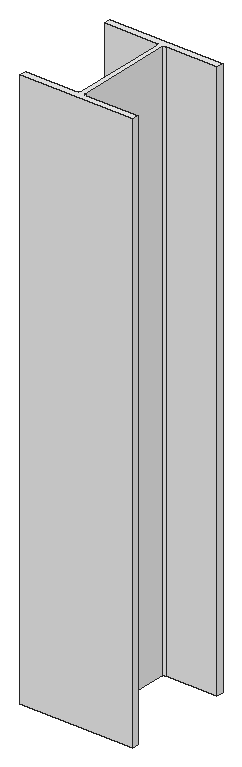
Revit family "M_FES-Flange extensa soldada-Coluna", category Pilares estruturais, Revit 2019
Family settings
  Forma do corte = Não definido
  Material para o comportamento do modelo = Aço
  Exportar sempre como geometria = Não
  Redução da viga na planta = Da caixa de vinculação
  Número OmniClass = 23.25.30.11.14.11
  Título OmniClass = Columns
  ID de item do Seek = WWF-Welded Wide Flange-Column-0000-CAN-ENU
  Corte com vazios quando carregada = Não
  Representação simbólica = Das configurações de projeto
  Compartilhado = Não
  Exibir o pré-corte da família na vista da planta = Sim
Parameters (values of type "WWF500x306")
  kr = k - (tw / 2)  # 10 mm
  W = 3
  Structural Material [instance] = Aço, 45-345
  Assembly Code = ""
  bf = 500 mm
  d = 500 mm
  k = 20 mm
  tf = 30 mm
  tw = 20 mm
  A = 0.039 m²
Reference planes
  plane 1: y = 0
  plane 2: z = 0
  plane 3: x = 0
  plane 4: x = -250
  plane 5: x = 250
  plane 6: y = 250
  plane 7: y = -250
  plane 8: x = -3.969
  plane 9: x = 3.969
Forms (mm)
  Extrusion 1, solid, material "Aço, 45-345" <- "Structural Material", detail levels medium
    sketch origin (0, 0, 0) x (1, 0, 0) y (0, 1, 0)
      loop
        line (-250, 250) -> (-250, 220) -> (-10, 220) -> (-10, -220) -> (-250, -220) -> (-250, -250) -> (250, -250) -> (250, -220) -> (10, -220) -> (10, 220) -> (250, 220) -> (250, 250) -> (-250, 250)
    from 0 to 2500
  Extrusion 2, solid, material "Aço, 45-345" <- "Structural Material", detail levels fine
    sketch origin (0, 0, 0) x (1, 0, 0) y (0, 1, 0)
      loop
        line (-250, 250) -> (-250, 220) -> (-20, 220)
        arc (-20, 220) -> (-12.929, 217.071) -> (-10, 210) r 10
        line (-10, 210) -> (-10, -210)
        arc (-10, -210) -> (-12.929, -217.071) -> (-20, -220) r 10
        line (-20, -220) -> (-250, -220) -> (-250, -250) -> (250, -250) -> (250, -220) -> (20, -220)
        arc (20, -220) -> (12.929, -217.071) -> (10, -210) r 10
        line (10, -210) -> (10, 210)
        arc (10, 210) -> (12.929, 217.071) -> (20, 220) r 10
        line (20, 220) -> (250, 220) -> (250, 250) -> (-250, 250)
    from 0 to 2500
Lines and regions (mm)
  symbolic lines, style "StructuralColumnStickSymbols", detail levels coarse
    curve 1: line (-250, 250, 0) -> (250, 250, 0)
    curve 2: line (-250, -250, 0) -> (250, -250, 0)
    curve 3: line (0, 250, 0) -> (0, -250, 0)
  symbolic lines, style "Faces ocultas", detail levels medium+fine
    curve 4: line (-3.969, 0, 0) -> (-3.969, 0, 2500)
    curve 5: line (3.969, 0, 2500) -> (3.969, 0, 0)
Dimensions and locks
  equal spacing: plane 4, plane 3, plane 5
  equal spacing: plane 7, plane 1, plane 6
  "d": plane 7 to plane 6
  "bf": plane 4 to plane 5
  "tf": plane 7 to Extrusion 1 sketch curve
  "tf": Extrusion 1 sketch curve to plane 6
  equal spacing: Extrusion 1 sketch curve, plane 3, Extrusion 1 sketch curve
  "tw": Extrusion 1 sketch curve to Extrusion 1 sketch curve
  "kr": radius of Extrusion 2 sketch curve  (x4)
  aligned and locked: Extrusion 1 sketch curve to plane 6
  aligned and locked: Extrusion 1 sketch curve to plane 7
  aligned and locked: Extrusion 1 sketch curve to plane 4  (x2)
  aligned and locked: plane 5 to Extrusion 1 sketch curve  (x2)
  aligned and locked: Extrusion 1 sketch curve to Extrusion 1 sketch curve  (x2)
  aligned and locked: level to Extrusion 1
  aligned and locked: level to plane 2
  aligned and locked: Extrusion 1 to plane 2
  aligned and locked: Extrusion 2 sketch curve to plane 6
  aligned and locked: plane 5 to Extrusion 2 sketch curve  (x2)
  aligned and locked: Extrusion 2 sketch curve to plane 4  (x2)
  aligned and locked: Extrusion 2 sketch curve to Extrusion 1  (x6)
  aligned and locked: Extrusion 2 sketch curve to plane 7
  aligned and locked: level to Extrusion 2
  aligned and locked: Extrusion 2 to level
Automatic sketch dimensions
  curve 2 to plane 4 = 0 mm
  curve 1 to plane 4 = 0 mm
  curve 3 to plane 3 = 0 mm
  curve 2 to plane 5 = 0 mm
  curve 1 to plane 5 = 0 mm
  curve 3 to plane 7 = 0 mm
  curve 3 to plane 6 = 0 mm
  curve 4 to level = 0 mm  (x2)
  curve 4 to plane 8 = 0 mm
  curve 5 to level = 0 mm  (x2)
  curve 5 to plane 9 = 0 mm
Types in the file's own list only (106): name | kr | W | bf | d | k | tf | tw | A
  WWF2000x732 | 10 mm | 7.17 | 550 mm | 2000 mm | 20 mm | 50 mm | 20 mm | 0.09 m²
  WWF2000x648 | 10 mm | 6.36 | 550 mm | 2000 mm | 20 mm | 40 mm | 20 mm | 0.08 m²
  WWF2000x607 | 10 mm | 5.95 | 550 mm | 2000 mm | 20 mm | 35 mm | 20 mm | 0.08 m²
  WWF2000x542 | 10 mm | 5.31 | 500 mm | 2000 mm | 20 mm | 30 mm | 20 mm | 0.07 m²
  WWF1800x700 | 10 mm | 6.87 | 550 mm | 1800 mm | 20 mm | 50 mm | 20 mm | 0.09 m²
  WWF1800x659 | 10 mm | 6.46 | 550 mm | 1800 mm | 20 mm | 45 mm | 20 mm | 0.08 m²
  WWF1800x617 | 10 mm | 6.05 | 550 mm | 1800 mm | 20 mm | 40 mm | 20 mm | 0.08 m²
  WWF1800x575 | 10 mm | 5.64 | 550 mm | 1800 mm | 20 mm | 35 mm | 20 mm | 0.07 m²
  WWF1800x510 | 10 mm | 5 | 500 mm | 1800 mm | 20 mm | 30 mm | 20 mm | 0.07 m²
  WWF1600x622 | 10 mm | 6.1 | 550 mm | 1600 mm | 18 mm | 50 mm | 16 mm | 0.08 m²
  WWF1600x580 | 10 mm | 5.68 | 550 mm | 1600 mm | 18 mm | 45 mm | 16 mm | 0.07 m²
  WWF1600x538 | 10 mm | 5.27 | 550 mm | 1600 mm | 18 mm | 40 mm | 16 mm | 0.07 m²
  WWF1600x496 | 8 mm | 4.86 | 550 mm | 1600 mm | 16 mm | 35 mm | 16 mm | 0.06 m²
  WWF1600x431 | 8 mm | 4.22 | 500 mm | 1600 mm | 16 mm | 30 mm | 16 mm | 0.05 m²
  WWF1400x597 | 10 mm | 5.85 | 550 mm | 1400 mm | 18 mm | 50 mm | 16 mm | 0.08 m²
  WWF1400x513 | 10 mm | 5.03 | 550 mm | 1400 mm | 18 mm | 40 mm | 16 mm | 0.07 m²
  WWF1400x471 | 8 mm | 4.61 | 550 mm | 1400 mm | 16 mm | 35 mm | 16 mm | 0.06 m²
  WWF1400x405 | 8 mm | 3.97 | 500 mm | 1400 mm | 16 mm | 30 mm | 16 mm | 0.05 m²
  WWF1400x358 | 8 mm | 3.51 | 400 mm | 1400 mm | 16 mm | 30 mm | 16 mm | 0.05 m²
  WWF1200x487 | 10 mm | 4.78 | 550 mm | 1200 mm | 18 mm | 40 mm | 16 mm | 0.06 m²
  WWF1200x418 | 8 mm | 4.1 | 500 mm | 1200 mm | 16 mm | 35 mm | 16 mm | 0.05 m²
  WWF1200x380 | 8 mm | 3.72 | 500 mm | 1200 mm | 16 mm | 30 mm | 16 mm | 0.05 m²
  WWF1200x333 | 8 mm | 3.26 | 400 mm | 1200 mm | 16 mm | 30 mm | 16 mm | 0.04 m²
  WWF1200x302 | 8 mm | 2.97 | 400 mm | 1200 mm | 16 mm | 25 mm | 16 mm | 0.04 m²
  WWF1200x263 | 8 mm | 2.58 | 300 mm | 1200 mm | 16 mm | 25 mm | 16 mm | 0.03 m²
  WWF1100x458 | 10 mm | 4.5 | 550 mm | 1100 mm | 17 mm | 40 mm | 14 mm | 0.06 m²
  WWF1100x388 | 8 mm | 3.81 | 500 mm | 1100 mm | 15 mm | 35 mm | 14 mm | 0.05 m²
  WWF1100x351 | 8 mm | 3.44 | 500 mm | 1100 mm | 15 mm | 30 mm | 14 mm | 0.04 m²
  WWF1100x304 | 8 mm | 2.98 | 400 mm | 1100 mm | 15 mm | 30 mm | 14 mm | 0.04 m²
  WWF1100x273 | 8 mm | 2.68 | 400 mm | 1100 mm | 15 mm | 25 mm | 14 mm | 0.03 m²
  WWF1100x234 | 8 mm | 2.3 | 300 mm | 1100 mm | 15 mm | 25 mm | 14 mm | 0.03 m²
  WWF1000x447 | 10 mm | 4.39 | 550 mm | 1000 mm | 17 mm | 40 mm | 14 mm | 0.06 m²
  WWF1000x377 | 8 mm | 3.71 | 500 mm | 1000 mm | 15 mm | 35 mm | 14 mm | 0.05 m²
  WWF1000x340 | 8 mm | 3.33 | 500 mm | 1000 mm | 15 mm | 30 mm | 14 mm | 0.04 m²
  WWF1000x293 | 8 mm | 2.87 | 400 mm | 1000 mm | 15 mm | 30 mm | 14 mm | 0.04 m²
  WWF1000x262 | 8 mm | 2.57 | 400 mm | 1000 mm | 15 mm | 25 mm | 14 mm | 0.03 m²
  WWF1000x223 | 8 mm | 2.19 | 300 mm | 1000 mm | 15 mm | 25 mm | 14 mm | 0.03 m²
  WWF1000x200 | 8 mm | 1.97 | 300 mm | 1000 mm | 15 mm | 20 mm | 14 mm | 0.03 m²
  WWF900x417 | 10 mm | 4.1 | 550 mm | 900 mm | 16 mm | 40 mm | 11 mm | 0.05 m²
  WWF900x347 | 8 mm | 3.41 | 500 mm | 900 mm | 14 mm | 35 mm | 11 mm | 0.04 m²
  WWF900x309 | 8 mm | 3.03 | 500 mm | 900 mm | 14 mm | 30 mm | 11 mm | 0.04 m²
  WWF900x262 | 8 mm | 2.57 | 400 mm | 900 mm | 14 mm | 30 mm | 11 mm | 0.03 m²
  WWF900x231 | 8 mm | 2.27 | 400 mm | 900 mm | 14 mm | 25 mm | 11 mm | 0.03 m²
  WWF900x192 | 8 mm | 1.88 | 300 mm | 900 mm | 14 mm | 25 mm | 11 mm | 0.02 m²
  WWF900x169 | 8 mm | 1.66 | 300 mm | 900 mm | 14 mm | 20 mm | 11 mm | 0.02 m²
  WWF800x339 | 8 mm | 3.32 | 500 mm | 800 mm | 14 mm | 35 mm | 11 mm | 0.04 m²
  WWF800x300 | 8 mm | 2.95 | 500 mm | 800 mm | 14 mm | 30 mm | 11 mm | 0.04 m²
  WWF800x253 | 8 mm | 2.48 | 400 mm | 800 mm | 14 mm | 30 mm | 11 mm | 0.03 m²
  WWF800x223 | 8 mm | 2.18 | 400 mm | 800 mm | 14 mm | 25 mm | 11 mm | 0.03 m²
  WWF800x184 | 8 mm | 1.8 | 300 mm | 800 mm | 14 mm | 25 mm | 11 mm | 0.02 m²
  WWF800x161 | 8 mm | 1.58 | 300 mm | 800 mm | 14 mm | 20 mm | 11 mm | 0.02 m²
  WWF700x245 | 8 mm | 2.4 | 400 mm | 700 mm | 14 mm | 30 mm | 11 mm | 0.03 m²
  WWF700x214 | 8 mm | 2.1 | 400 mm | 700 mm | 14 mm | 25 mm | 11 mm | 0.03 m²
  WWF700x196 | 8 mm | 1.92 | 400 mm | 700 mm | 14 mm | 22 mm | 11 mm | 0.02 m²
  WWF700x175 | 8 mm | 1.71 | 300 mm | 700 mm | 14 mm | 25 mm | 11 mm | 0.02 m²
  WWF700x152 | 8 mm | 1.49 | 300 mm | 700 mm | 14 mm | 20 mm | 11 mm | 0.02 m²
  WWF650x864 | 10 mm | 8.47 | 650 mm | 650 mm | 40 mm | 60 mm | 60 mm | 0.11 m²
  WWF650x739 | 10 mm | 7.24 | 650 mm | 650 mm | 25 mm | 60 mm | 30 mm | 0.09 m²
  WWF650x598 | 10 mm | 5.86 | 650 mm | 650 mm | 20 mm | 50 mm | 20 mm | 0.08 m²
  WWF650x499 | 10 mm | 4.89 | 650 mm | 650 mm | 20 mm | 40 mm | 20 mm | 0.06 m²
  WWF650x400 | 10 mm | 3.92 | 650 mm | 650 mm | 20 mm | 30 mm | 20 mm | 0.05 m²
  WWF600x793 | 10 mm | 7.77 | 600 mm | 600 mm | 40 mm | 60 mm | 60 mm | 0.10 m²
  WWF600x680 | 10 mm | 6.67 | 600 mm | 600 mm | 25 mm | 60 mm | 30 mm | 0.09 m²
  WWF600x551 | 10 mm | 5.4 | 600 mm | 600 mm | 20 mm | 50 mm | 20 mm | 0.07 m²
  WWF600x460 | 10 mm | 4.51 | 600 mm | 600 mm | 20 mm | 40 mm | 20 mm | 0.06 m²
  WWF600x369 | 10 mm | 3.62 | 600 mm | 600 mm | 20 mm | 30 mm | 20 mm | 0.05 m²
  WWF550x721 | 10 mm | 7.08 | 550 mm | 550 mm | 40 mm | 60 mm | 60 mm | 0.09 m²
  WWF550x620 | 10 mm | 6.09 | 550 mm | 550 mm | 25 mm | 60 mm | 30 mm | 0.08 m²
  WWF550x503 | 10 mm | 4.94 | 550 mm | 550 mm | 20 mm | 50 mm | 20 mm | 0.06 m²
  WWF550x420 | 10 mm | 4.12 | 550 mm | 550 mm | 20 mm | 40 mm | 20 mm | 0.05 m²
  WWF550x280 | 8 mm | 2.74 | 550 mm | 550 mm | 16 mm | 25 mm | 16 mm | 0.04 m²
  WWF500x651 | 10 mm | 6.39 | 500 mm | 500 mm | 40 mm | 60 mm | 60 mm | 0.08 m²
  WWF500x561 | 10 mm | 5.51 | 500 mm | 500 mm | 25 mm | 60 mm | 30 mm | 0.07 m²
  WWF500x456 | 10 mm | 4.48 | 500 mm | 500 mm | 20 mm | 50 mm | 20 mm | 0.06 m²
  WWF500x381 | 10 mm | 3.74 | 500 mm | 500 mm | 20 mm | 40 mm | 20 mm | 0.05 m²
  WWF500x343 | 10 mm | 3.37 | 500 mm | 500 mm | 20 mm | 35 mm | 20 mm | 0.04 m²
  WWF500x276 | 8 mm | 2.71 | 500 mm | 500 mm | 16 mm | 28 mm | 16 mm | 0.04 m²
  WWF500x254 | 8 mm | 2.49 | 500 mm | 500 mm | 16 mm | 25 mm | 16 mm | 0.03 m²
  WWF500x223 | 8 mm | 2.19 | 500 mm | 500 mm | 15 mm | 22 mm | 14 mm | 0.03 m²
  WWF500x197 | 8 mm | 1.94 | 500 mm | 500 mm | 14 mm | 20 mm | 11 mm | 0.03 m²
  WWF450x503 | 10 mm | 4.93 | 450 mm | 450 mm | 25 mm | 60 mm | 30 mm | 0.06 m²
  WWF450x409 | 10 mm | 4.02 | 450 mm | 450 mm | 20 mm | 50 mm | 20 mm | 0.05 m²
  WWF450x342 | 10 mm | 3.36 | 450 mm | 450 mm | 20 mm | 40 mm | 20 mm | 0.04 m²
  WWF450x308 | 10 mm | 3.02 | 450 mm | 450 mm | 20 mm | 35 mm | 20 mm | 0.04 m²
  WWF450x274 | 10 mm | 2.69 | 450 mm | 450 mm | 20 mm | 30 mm | 20 mm | 0.04 m²
  WWF450x248 | 8 mm | 2.43 | 450 mm | 450 mm | 16 mm | 28 mm | 16 mm | 0.03 m²
  WWF450x228 | 8 mm | 2.23 | 450 mm | 450 mm | 16 mm | 25 mm | 16 mm | 0.03 m²
  WWF450x201 | 8 mm | 1.97 | 450 mm | 450 mm | 15 mm | 22 mm | 14 mm | 0.03 m²
  WWF450x177 | 8 mm | 1.74 | 450 mm | 450 mm | 14 mm | 20 mm | 11 mm | 0.02 m²
  WWF400x444 | 10 mm | 4.36 | 400 mm | 400 mm | 25 mm | 60 mm | 30 mm | 0.06 m²
  WWF400x362 | 10 mm | 3.56 | 400 mm | 400 mm | 20 mm | 50 mm | 20 mm | 0.05 m²
  WWF400x303 | 10 mm | 2.97 | 400 mm | 400 mm | 20 mm | 40 mm | 20 mm | 0.04 m²
  WWF400x273 | 10 mm | 2.68 | 400 mm | 400 mm | 20 mm | 35 mm | 20 mm | 0.03 m²
  WWF400x243 | 10 mm | 2.39 | 400 mm | 400 mm | 20 mm | 30 mm | 20 mm | 0.03 m²
  WWF400x220 | 8 mm | 2.16 | 400 mm | 400 mm | 16 mm | 28 mm | 16 mm | 0.03 m²
  WWF400x202 | 8 mm | 1.98 | 400 mm | 400 mm | 16 mm | 25 mm | 16 mm | 0.03 m²
  WWF400x178 | 8 mm | 1.75 | 400 mm | 400 mm | 15 mm | 22 mm | 14 mm | 0.02 m²
  WWF400x157 | 8 mm | 1.55 | 400 mm | 400 mm | 14 mm | 20 mm | 11 mm | 0.02 m²
  WWF350x315 | 10 mm | 3.09 | 350 mm | 350 mm | 20 mm | 50 mm | 20 mm | 0.04 m²
  WWF350x263 | 10 mm | 2.59 | 350 mm | 350 mm | 20 mm | 40 mm | 20 mm | 0.03 m²
  WWF350x238 | 10 mm | 2.33 | 350 mm | 350 mm | 20 mm | 35 mm | 20 mm | 0.03 m²
  WWF350x212 | 10 mm | 2.08 | 350 mm | 350 mm | 20 mm | 30 mm | 20 mm | 0.03 m²
  WWF350x192 | 8 mm | 1.88 | 350 mm | 350 mm | 16 mm | 28 mm | 16 mm | 0.02 m²
  WWF350x176 | 8 mm | 1.73 | 350 mm | 350 mm | 16 mm | 25 mm | 16 mm | 0.02 m²
  WWF350x155 | 8 mm | 1.52 | 350 mm | 350 mm | 15 mm | 22 mm | 14 mm | 0.02 m²
  WWF350x137 | 8 mm | 1.35 | 350 mm | 350 mm | 14 mm | 20 mm | 11 mm | 0.02 m²
